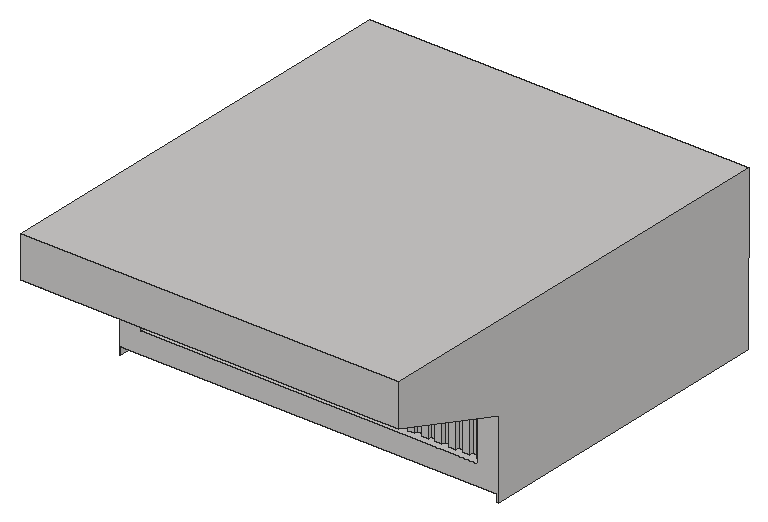
Revit family "QF_ZANUSSI_922724_HOCO61021", category Specialty Equipment, Revit 2021
Family settings
  Round Connector Dimension = Use Diameter
  Part Type = Normal
  Work Plane-Based = No
  Always vertical = Yes
  Cut with Voids When Loaded = No
  Shared = No
  Room Calculation Point = No
Parameters
  Weight = 84.00 kg
  Watts = 0 W
  Volts = 220 V
  URL Manufacturer = "http://www.zanussiprofessional.com"
  URL = "http://www.zanussiprofessional.com"
  Steam Supply Size = 0 mm
  Steam Supply Minimum Pressure = 0.0 Pa
  Steam Supply Maximum Pressure = 0.0 Pa
  Steam Pounds per Hour = 0
  Show Logo [instance] = yes
  Show Clearance [instance] = yes
  Refrigeration Suction Line Size = 0 mm
  Refrigeration Liquid Line Size = 0 mm
  Refrigerant Compressor Remote = yes
  Manufacturer = "Zanussi"
  Phase = 1
  Model = "HOCT21E"
  Length Actual = 1098 mm
  Item Number = "922724"
  Hot Water Size = 0 mm
  Height Actual = 472 mm
  HP = "0.5 HP"
  Gas Size = 0 mm
  Gas KW = 0
  Gas Input Pressure = 0 W
  Direct Waste Size = 20 mm
  Description = "CONDENSATION HOOD WITH FAN FOR 6&10GN 2/1 ELECTRIC OVEN"
  Depth Actual = 1266 mm
  Default Elevation = 0 mm
  Cycle = 50 Hz
  Condensate Return Size = 0 mm
  Compressed Air Volume = 0.0 L/s
  Compressed Air Size = 0 mm
  Compressed Air Pressure = 0.0 Pa
  Cold Water Size = 0 mm
  Accessory = no
Reference planes
  plane 1 "Center X": y = 190.351
  plane 2: z = 0
  plane 3 "Center Y": x = -215
  plane 4 "LEFT": x = -760
  plane 5 "BACK": y = 675.851
  plane 6 "RIGHT": x = 330
  plane 7 "FRONT": y = -295.149
  plane 8 "TOP": z = 1728
  plane 9: y = -590.149
  plane 10: x = -764
  plane 11: x = 334
  plane 12: z = 2178
Forms (mm)
  Extrusion 1, solid, material "QF_Clearance", visible <- "Show Clearance", detail levels coarse
    sketch origin (0, 0, 0) x (1, 0, 0) y (0, 1, 0)
      loop
        line (-764, 675.851) -> (334, 675.851) -> (334, 825.851) -> (-764, 825.851) -> (-764, 675.851)
    from 1707 to 2178
  Extrusion 2, solid, material "QF_Clearance", visible <- "Show Clearance", detail levels coarse
    sketch origin (-1150.39, -1524, 2178) x (-1, 0, 0) y (0, -1, 0)
      loop
        line (-386.39, -933.851) -> (-1484.39, -933.851) -> (-1484.39, -2349.851) -> (-386.39, -2349.851) -> (-386.39, -933.851)
    from 450 to 0
  Extrusion 3, solid, material "QF_Finishes_Stainless Steel"
    sketch origin (-215, 0, 0) x (0, 1, 0) y (0, 0, 1)
      loop
        line (675.851, 1728) -> (675.851, 2178) -> (-590.149, 2178) -> (-590.149, 2057.936) -> (-230.149, 1933.979) -> (-230.149, 1728) -> (675.851, 1728)
    from -549 to -489
  Extrusion 4, solid, material "QF_Finishes_Stainless Steel"
    sketch origin (-215, 0, 0) x (0, 1, 0) y (0, 0, 1)
      loop
        line (675.851, 1728) -> (675.851, 2178) -> (-590.149, 2178) -> (-590.149, 2057.936) -> (-230.149, 1933.979) -> (-230.149, 1728) -> (675.851, 1728)
    from 549 to 489
  Extrusion 5, solid, material "QF_Finishes_Stainless Steel"
    sketch origin (-215, 0, 0) x (0, 1, 0) y (0, 0, 1)
      loop
        line (675.851, 1728) -> (675.851, 2178) -> (-590.149, 2178) -> (-590.149, 2057.936) -> (-210.149, 2057.936) -> (-210.149, 1788) -> (-230.149, 1788) -> (-230.149, 1728) -> (675.851, 1728)
    from -489 to 489
  Extrusion 6, solid, material "QF_Finishes_Stainless Steel"
    sketch origin (0, -295.149, 0) x (-1, 0, 0) y (0, 0, 1)
      loop
        line (764, 1728) -> (760, 1728) -> (760, 1707) -> (764, 1707) -> (764, 1728)
      loop
        line (-330, 1728) -> (-334, 1728) -> (-334, 1707) -> (-330, 1707) -> (-330, 1728)
    from 65 to 971
  Extrusion 7, void
    sketch origin (0, 0, 0) x (1, 0, 0) y (0, 1, 0)
      loop
        line (-685, -200.149) -> (-685, -210.149) -> (-665, -210.149) -> (-665, -200.149) -> (-685, -200.149)
      loop
        line (-645, -200.149) -> (-645, -210.149) -> (-625, -210.149) -> (-625, -200.149) -> (-645, -200.149)
      loop
        line (-605, -200.149) -> (-605, -210.149) -> (-585, -210.149) -> (-585, -200.149) -> (-605, -200.149)
      loop
        line (-565, -200.149) -> (-565, -210.149) -> (-545, -210.149) -> (-545, -200.149) -> (-565, -200.149)
      loop
        line (-525, -200.149) -> (-525, -210.149) -> (-505, -210.149) -> (-505, -200.149) -> (-525, -200.149)
      loop
        line (-485, -200.149) -> (-485, -210.149) -> (-465, -210.149) -> (-465, -200.149) -> (-485, -200.149)
      loop
        line (-445, -200.149) -> (-445, -210.149) -> (-425, -210.149) -> (-425, -200.149) -> (-445, -200.149)
      loop
        line (-405, -200.149) -> (-405, -210.149) -> (-385, -210.149) -> (-385, -200.149) -> (-405, -200.149)
      loop
        line (-365, -200.149) -> (-365, -210.149) -> (-345, -210.149) -> (-345, -200.149) -> (-365, -200.149)
      loop
        line (-325, -200.149) -> (-325, -210.149) -> (-305, -210.149) -> (-305, -200.149) -> (-325, -200.149)
      loop
        line (-285, -200.149) -> (-285, -210.149) -> (-265, -210.149) -> (-265, -200.149) -> (-285, -200.149)
      loop
        line (-245, -200.149) -> (-245, -210.149) -> (-225, -210.149) -> (-225, -200.149) -> (-245, -200.149)
      loop
        line (-205, -200.149) -> (-205, -210.149) -> (-185, -210.149) -> (-185, -200.149) -> (-205, -200.149)
      loop
        line (-165, -200.149) -> (-165, -210.149) -> (-145, -210.149) -> (-145, -200.149) -> (-165, -200.149)
      loop
        line (-125, -200.149) -> (-125, -210.149) -> (-105, -210.149) -> (-105, -200.149) -> (-125, -200.149)
      loop
        line (-85, -200.149) -> (-85, -210.149) -> (-65, -210.149) -> (-65, -200.149) -> (-85, -200.149)
      loop
        line (-45, -200.149) -> (-45, -210.149) -> (-25, -210.149) -> (-25, -200.149) -> (-45, -200.149)
      loop
        line (-5, -200.149) -> (-5, -210.149) -> (15, -210.149) -> (15, -200.149) -> (-5, -200.149)
      loop
        line (35, -200.149) -> (35, -210.149) -> (55, -210.149) -> (55, -200.149) -> (35, -200.149)
      loop
        line (75, -200.149) -> (75, -210.149) -> (95, -210.149) -> (95, -200.149) -> (75, -200.149)
      loop
        line (115, -200.149) -> (115, -210.149) -> (135, -210.149) -> (135, -200.149) -> (115, -200.149)
      loop
        line (155, -200.149) -> (155, -210.149) -> (175, -210.149) -> (175, -200.149) -> (155, -200.149)
      loop
        line (195, -200.149) -> (195, -210.149) -> (215, -210.149) -> (215, -200.149) -> (195, -200.149)
      loop
        line (235, -200.149) -> (235, -210.149) -> (255, -210.149) -> (255, -200.149) -> (235, -200.149)
    from 1788 to 2057.936
  Extrusion 8, solid, material "QF_Finishes_Stainless Steel"
    sketch origin (0, 675.851, 0) x (-1, 0, 0) y (0, 0, 1)
      loop
        circle (-309, 2113) r 8
      loop
        circle (215, 1746) r 7
    from 0 to 20
Cuts and joins
  joined: Extrusion 1, Extrusion 2
  Extrusion 7 cuts Extrusion 5
  joined: Extrusion 3, Extrusion 4, Extrusion 5, Extrusion 6, Extrusion 8
Lines and regions (mm)
  symbolic lines, style "QF_Clearances", visible <- "Show Clearance"
    curve 1: line (334, 825.851, 0) -> (-764, 825.851, 0)
  symbolic lines, style "Linee tratto punto"
    curve 2: line (-764, 675.851, 0) -> (334, 675.851, 0)
    curve 3: line (-764, -590.149, 0) -> (-764, 675.851, 0)
    curve 4: line (334, -590.149, 0) -> (-764, -590.149, 0)
    curve 5: line (334, 675.851, 0) -> (334, -590.149, 0)
    curve 16: line (-764, -590.149, 0) -> (334, 675.851, 0)
    curve 17: line (-764, 675.851, 0) -> (334, -590.149, 0)
  symbolic lines
    curve 6: line (-222, 695.851, 0) -> (-208, 695.851, 0)
    curve 7: line (-208, 695.851, 0) -> (-208, 675.851, 0)
    curve 8: line (-222, 695.851, 0) -> (-222, 675.851, 0)
    curve 9: line (317, 695.851, 0) -> (317, 675.851, 0)
    curve 10: line (317, 695.851, 0) -> (301, 695.851, 0)
    curve 11: line (301, 695.851, 0) -> (301, 675.851, 0)
  symbolic lines, style "SpecialityEquipmentHiddenLines"
    curve 12: line (-111, 534.851, 0) -> (189, 534.851, 0)
    curve 13: line (-111, 234.851, 0) -> (-111, 534.851, 0)
    curve 14: line (189, 234.851, 0) -> (-111, 234.851, 0)
    curve 15: line (189, 534.851, 0) -> (189, 234.851, 0)
Dimensions and locks
  equal spacing: plane 4 "LEFT", plane 3 "Center Y", plane 6 "RIGHT"
  plane 10 to plane 11 = 1098 mm
  plane 5 "BACK" to plane 9 = 1266 mm
  equal spacing: plane 5 "BACK", plane 1 "Center X", plane 7 "FRONT"
  locked: plane 10 to plane 4 "LEFT" at 4
  locked: plane 6 "RIGHT" to plane 11 at 4
  cut or joined group of Extrusion 3, Extrusion 4, Extrusion 5, Extrusion 6, Extrusion 7, Extrusion 8 to Extrusion 8 sketch curve = 39 mm
  Extrusion 8 sketch curve to plane 12 = 65 mm
  plane 11 to Extrusion 8 sketch curve = 25 mm
  aligned and locked: level to plane 2
Automatic sketch dimensions
  Extrusion 1 sketch curve to plane 10 = 0 mm
  Extrusion 1 sketch curve to plane 11 = 0 mm
  Extrusion 1 sketch curve to plane 5 "BACK" = 0 mm
  plane 5 "BACK" to Extrusion 1 sketch curve = 150 mm
  Extrusion 2 sketch curve to plane 9 = 0 mm
  Extrusion 2 sketch curve to plane 11 = 0 mm
  Extrusion 2 sketch curve to plane 10 = 0 mm
  plane 5 "BACK" to Extrusion 2 sketch curve = 150 mm
  Extrusion 3 sketch curve to plane 9 = 0 mm
  Extrusion 3 sketch curve to plane 8 "TOP" = 0 mm
  Extrusion 3 sketch curve to plane 5 "BACK" = 0 mm
  Extrusion 3 sketch curve to plane 12 = 0 mm
  plane 7 "FRONT" to Extrusion 3 sketch curve = 65 mm
  plane 8 "TOP" to Extrusion 3 sketch curve = 205.979 mm
  Extrusion 3 sketch curve to Extrusion 3 sketch curve = 120.064 mm
  Extrusion 4 sketch curve to plane 9 = 0 mm
  Extrusion 4 sketch curve to plane 8 "TOP" = 0 mm
  Extrusion 4 sketch curve to plane 5 "BACK" = 0 mm
  Extrusion 4 sketch curve to plane 12 = 0 mm
  plane 7 "FRONT" to Extrusion 4 sketch curve = 65 mm
  plane 8 "TOP" to Extrusion 4 sketch curve = 205.979 mm
  Extrusion 4 sketch curve to Extrusion 4 sketch curve = 120.064 mm
  Extrusion 5 sketch curve to plane 9 = 0 mm
  Extrusion 5 sketch curve to plane 8 "TOP" = 0 mm
  Extrusion 5 sketch curve to plane 5 "BACK" = 0 mm
  Extrusion 5 sketch curve to plane 12 = 0 mm
  plane 7 "FRONT" to Extrusion 5 sketch curve = 65 mm
  plane 7 "FRONT" to Extrusion 5 sketch curve = 85 mm
  plane 8 "TOP" to Extrusion 5 sketch curve = 60 mm
  Extrusion 5 sketch curve to plane 12 = 120.064 mm
  Extrusion 6 sketch curve to plane 8 "TOP" = 0 mm  (x2)
  Extrusion 6 sketch curve to plane 11 = 0 mm
  Extrusion 6 sketch curve to plane 6 "RIGHT" = 0 mm
  Extrusion 6 sketch curve to plane 4 "LEFT" = 0 mm
  Extrusion 6 sketch curve to plane 10 = 0 mm
  Extrusion 6 sketch curve to plane 8 "TOP" = 21 mm
  Extrusion 6 sketch curve to Extrusion 6 sketch curve = 21 mm
  plane 4 "LEFT" to Extrusion 7 sketch curve = 75 mm
  Extrusion 7 sketch curve to Extrusion 7 sketch curve = 20 mm  (x45)
  Extrusion 7 sketch curve to plane 3 "Center Y" = 10 mm
  plane 3 "Center Y" to Extrusion 7 sketch curve = 10 mm
  plane 7 "FRONT" to Extrusion 7 sketch curve = 85 mm  (x2)
  Extrusion 7 sketch curve to Extrusion 7 sketch curve = 0 mm  (x22)
  Extrusion 7 sketch curve to Extrusion 7 sketch curve = 10 mm  (x24)
  Extrusion 8 sketch curve to plane 3 "Center Y" = 0 mm
  curve 1 to plane 10 = 0 mm
  curve 4 to plane 10 = 0 mm
  curve 1 to plane 11 = 0 mm
  curve 16 to plane 5 "BACK" = 0 mm
  curve 16 to plane 11 = 0 mm
  curve 5 to plane 9 = 0 mm
  curve 8 to plane 3 "Center Y" = 7 mm
  plane 3 "Center Y" to curve 6 = 7 mm
  plane 3 "Center Y" to curve 12 = 104 mm
  curve 15 to plane 6 "RIGHT" = 141 mm
  curve 11 to plane 6 "RIGHT" = 29 mm
  curve 9 to plane 6 "RIGHT" = 13 mm
  curve 14 to plane 1 "Center X" = 44.5 mm
  curve 12 to plane 5 "BACK" = 141 mm
  curve 9 to curve 10 = 20 mm
  plane 5 "BACK" to curve 8 = 20 mm
  curve 9 to curve 1 = 130 mm
  radius of Extrusion 8 sketch curve = 8 mm
  radius of Extrusion 8 sketch curve = 7 mm
Connectors
  electrical at (309, 695.851, 2113)
    settings: on cut or joined group of Extrusion 3, Extrusion 4, Extrusion 5, Extrusion 6, Extrusion 7, Extrusion 8, index 1, voltage 0 V, apparent load 0 VA, apparent load phase1 0 VA, apparent load phase2 0 VA, apparent load phase3 0 VA, power factor 1, load classification "Altro", number of poles 1, system type 30, power factor state 1, is connector primary yes, connector utility no, sub classification motor no, connector description "Electrical Connection"
  piping at (-215, 695.851, 1746), diameter 14
    settings: on cut or joined group of Extrusion 3, Extrusion 4, Extrusion 5, Extrusion 6, Extrusion 7, Extrusion 8, index 2, connector inside diameter 609.6 mm, connector length 0 mm, flow factor 0, pipe flow 0.0 L/s, pressure drop 0.0 Pa, fitting loss kfactor 0, connector angle 0.00°, fixture units 0, engagement length 0 mm, angle of deflection 0.00°, flow configuration 1, flow direction 2, fitting loss method 0, system type 16, joint type 0, gender type 0, connector reference index -1, connector utility 0, adjustable connector no, is connector primary yes, connector description "Drain"
